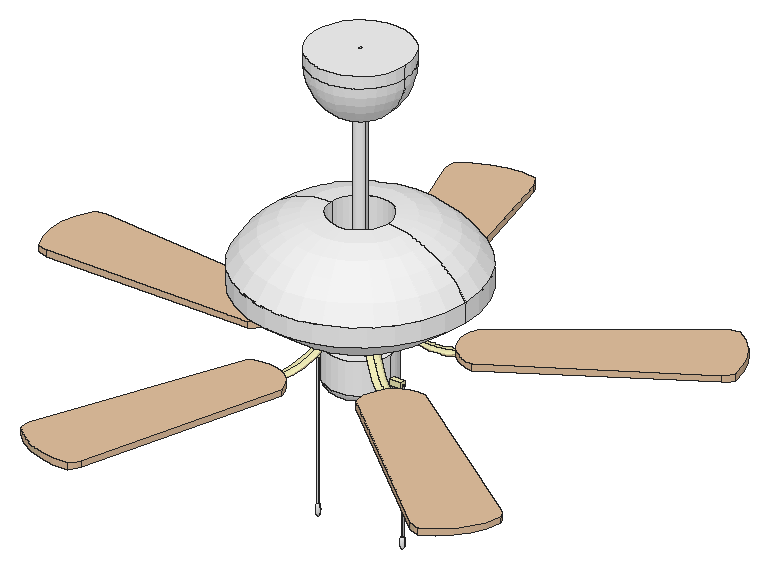
Revit family "Ceiling-Fan_Residential", category Mechanical Equipment, host Ceiling, Revit 2026 (continued)
Forms (in)
  Extrusion 64, solid, not visible
    sketch origin (6.52241, -5.90906, 74.3196) x (-0.809017, 0.587785, 0) y (-0.587785, -0.809017, 0)
      loop
        arc (0.57285, -1.70845) -> (0.87058, -0.94629) -> (0.57131, -0.18473) r 1.12151
        arc (0.57131, -0.18473) -> (-0.33421, -0.00748) -> (-1.24431, 0.1445) r 33.15171
        arc (-1.24431, 0.1445) -> (-1.62285, -0.01229) -> (-1.77964, -0.39083) r 0.53533
        arc (-1.77964, -0.39083) -> (-2.16715, -0.94675) -> (-1.77964, -1.50268) r 0.59252
        arc (-1.77964, -1.50268) -> (-1.62285, -1.88121) -> (-1.24431, -2.03801) r 0.53533
        arc (-1.24431, -2.03801) -> (-0.33343, -1.88589) -> (0.57285, -1.70845) r 33.15171
    from 0 to 0.125
  Sweep 65, solid, not visible
    path origin (-5.89511, 4.28305, 71.24857) x (-0.809017, 0.587785, 0) y (-0.000001, -0.000001, 1)
      loop
        line (-15.01533, 3.19786) -> (-14.1732, 3.19786)
        arc (-14.1732, 3.19786) -> (-10.1592, 5.10736) -> (-9.10815, 9.42636) r 5.17371
    profile origin (2.32385, -1.68838, 76.35593) x (0.627672, -0.456032, 0.630922) y (0.587785, 0.809017, 0.000001)
      loop
        spline (-0.12404, 0) -> (-0.11981, -0.12941) -> (-0.10742, -0.25) -> (-0.08771, -0.35355) -> (-0.06202, -0.43301) -> (-0.0321, -0.48296) -> (0, -0.5) -> (0.0321, -0.48296) -> (0.06202, -0.43301) -> (0.08771, -0.35355) -> (0.10742, -0.25) -> (0.11981, -0.12941) -> (0.12404, 0)
        spline (0.12404, 0) -> (0.11981, 0.12941) -> (0.10742, 0.25) -> (0.08771, 0.35355) -> (0.06202, 0.43301) -> (0.0321, 0.48296) -> (0, 0.5) -> (-0.0321, 0.48296) -> (-0.06202, 0.43301) -> (-0.08771, 0.35355) -> (-0.10742, 0.25) -> (-0.11981, 0.12941) -> (-0.12404, 0)
  Sweep 66, solid, not visible
    path origin (0, 0, 0) x (1, 0, 0) y (0, 1, 0)
      loop
        circle (0, 0) r 8
    profile origin (0, 8, 0) x (0, -1, 0) y (0, 0, 1)
      loop
        arc (5.5, 85.375) -> (1.5595, 84.33047) -> (-1.34619, 81.47119) r 7.95507
        line (-1.34619, 81.47119) -> (-1.34619, 79.86279) -> (2.25, 77.25) -> (5.5, 77.25) -> (5.5, 85.375)
  Sweep 67, solid, not visible
    path origin (0, 0, 0) x (1, 0, 0) y (0, 1, 0)
      loop
        circle (0, 0) r 2
    profile origin (0, 2, 0) x (0, -1, 0) y (0, 0, 1)
      loop
        line (1.96875, 71.5696) -> (1.96875, 75.0696) -> (-0.75, 75.0696) -> (-0.75, 72.3196)
        arc (-0.75, 72.3196) -> (-0.375, 71.77793) -> (0.25, 71.5696) r 1.04167
        line (0.25, 71.5696) -> (1.96875, 71.5696)
  Extrusion 68, solid, not visible
    sketch origin (0, 0, 75.0696) x (1, 0, 0) y (0, 1, 0)
      loop
        circle (0, 0) r 1
    from 0 to 4
  Extrusion 69, solid, not visible
    sketch origin (0, 0, 72.75) x (1, 0, 0) y (0, 1, 0)
      loop
        line (2.74091, -0.22336) -> (3.74091, -0.22336) -> (3.74091, 0.22336) -> (2.74091, 0.22336)
        arc (2.74091, 0.22336) -> (2.75, 0) -> (2.74091, -0.22336) r 2.75
    from 0 to 0.5
  Extrusion 70, solid, not visible
    sketch origin (-0.25, 0, 61) x (1, 0, 0) y (0, 1, 0)
      loop
        circle (4, 0) r 0.0625
    from 0 to 12
  Revolve 71, solid, not visible
    sketch origin (0, 0, 0) x (1, 0, 0) y (0, 0, 1)
      loop
        line (3.75, 61) -> (3.75, 60)
        spline (3.75, 60) -> (3.79531, 60.01704) -> (3.83753, 60.06699) -> (3.87379, 60.14645) -> (3.90161, 60.25) -> (3.9191, 60.37059) -> (3.92506, 60.5) -> (3.9191, 60.62941) -> (3.90161, 60.75) -> (3.87379, 60.85355) -> (3.83753, 60.93301) -> (3.79531, 60.98296) -> (3.75, 61)
      axis (3.75, 60) -> (3.75, 61)
    angle from 0 to 360
  Extrusion 72, solid, not visible
    sketch origin (0, 0, 72.75) x (-1, 0, 0) y (0, -1, 0)
      loop
        arc (2.74091, 0.22336) -> (2.75, 0) -> (2.74091, -0.22336) r 2.75
        line (2.74091, -0.22336) -> (3.74091, -0.22336) -> (3.74091, 0.22336) -> (2.74091, 0.22336)
    from 0 to 0.5
  Extrusion 73, solid, not visible
    sketch origin (0.25, 0, 61) x (-1, 0, 0) y (0, -1, 0)
      loop
        circle (4, 0) r 0.0625
    from 0 to 12
  Revolve 74, solid, not visible
    sketch origin (-7.5, 0, 0) x (1, 0, 0) y (0, 0, 1)
      loop
        line (3.75, 61) -> (3.75, 60)
        spline (3.75, 60) -> (3.79531, 60.01704) -> (3.83753, 60.06699) -> (3.87379, 60.14645) -> (3.90161, 60.25) -> (3.9191, 60.37059) -> (3.92506, 60.5) -> (3.9191, 60.62941) -> (3.90161, 60.75) -> (3.87379, 60.85355) -> (3.83753, 60.93301) -> (3.79531, 60.98296) -> (3.75, 61)
      axis (3.75, 60) -> (3.75, 61)
    angle from 0 to 360
  Extrusion 75, solid, not visible
    sketch origin (6.52241, -5.90906, 74.32031) x (-0.809017, 0.587785, 0) y (-0.587785, -0.809017, 0)
      loop
        arc (-1.34734, -2.82175) -> (-0.16807, -2.73452) -> (0.99795, -2.5378) r 12.67926
        arc (0.99795, -2.5378) -> (1.63049, -0.94675) -> (0.99795, 0.64429) r 2.31729
        arc (0.99795, 0.64429) -> (-0.16807, 0.84101) -> (-1.34734, 0.92825) r 12.67926
        arc (-1.34734, 0.92825) -> (-1.86177, 1.0058) -> (-1.8893, 0.48629) r 0.3513
        arc (-1.8893, 0.48629) -> (-2.26892, 0.42422) -> (-2.51249, 0.12649) r 0.54376
        arc (-2.51249, 0.12649) -> (-3.11749, -0.94675) -> (-2.51249, -2.02) r 1.25446
        arc (-2.51249, -2.02) -> (-2.26892, -2.31773) -> (-1.8893, -2.3798) r 0.54376
        arc (-1.8893, -2.3798) -> (-1.86177, -2.89931) -> (-1.34734, -2.82175) r 0.3513
      loop
        arc (0.57285, -1.70845) -> (0.87058, -0.94629) -> (0.57131, -0.18473) r 1.12151
        arc (0.57131, -0.18473) -> (-0.33421, -0.00748) -> (-1.24431, 0.1445) r 33.15171
        arc (-1.24431, 0.1445) -> (-1.62285, -0.01229) -> (-1.77964, -0.39083) r 0.53533
        arc (-1.77964, -0.39083) -> (-2.16715, -0.94675) -> (-1.77964, -1.50268) r 0.59252
        arc (-1.77964, -1.50268) -> (-1.62285, -1.88121) -> (-1.24431, -2.03801) r 0.53533
        arc (-1.24431, -2.03801) -> (-0.33343, -1.88589) -> (0.57285, -1.70845) r 33.15171
    from 0 to 0.125
  Sweep 76, solid, not visible
    path origin (-5.89511, 4.28305, 71.24929) x (-0.809017, 0.587785, 0) y (-0.000001, -0.000001, 1)
      loop
        line (-15.01533, 3.19786) -> (-14.1732, 3.19786)
        arc (-14.1732, 3.19786) -> (-10.1592, 5.10736) -> (-9.10815, 9.42636) r 5.17371
    profile origin (2.32385, -1.68838, 76.35665) x (0.627672, -0.456032, 0.630922) y (0.587785, 0.809017, 0.000001)
      loop
        spline (-0.12404, 0) -> (-0.11981, -0.12941) -> (-0.10742, -0.25) -> (-0.08771, -0.35355) -> (-0.06202, -0.43301) -> (-0.0321, -0.48296) -> (0, -0.5) -> (0.0321, -0.48296) -> (0.06202, -0.43301) -> (0.08771, -0.35355) -> (0.10742, -0.25) -> (0.11981, -0.12941) -> (0.12404, 0)
        spline (0.12404, 0) -> (0.11981, 0.12941) -> (0.10742, 0.25) -> (0.08771, 0.35355) -> (0.06202, 0.43301) -> (0.0321, 0.48296) -> (0, 0.5) -> (-0.0321, 0.48296) -> (-0.06202, 0.43301) -> (-0.08771, 0.35355) -> (-0.10742, 0.25) -> (-0.11981, 0.12941) -> (-0.12404, 0)
  Extrusion 77, solid, not visible
    sketch origin (-8.75, 0.94675, 74.32031) x (1, 0, 0) y (0, 1, 0)
      loop
        arc (-1.34734, -2.82175) -> (-0.16807, -2.73452) -> (0.99795, -2.5378) r 12.67926
        arc (0.99795, -2.5378) -> (1.63049, -0.94675) -> (0.99795, 0.64429) r 2.31729
        arc (0.99795, 0.64429) -> (-0.16807, 0.84101) -> (-1.34734, 0.92825) r 12.67926
        arc (-1.34734, 0.92825) -> (-1.86177, 1.0058) -> (-1.8893, 0.48629) r 0.3513
        arc (-1.8893, 0.48629) -> (-2.26892, 0.42422) -> (-2.51249, 0.12649) r 0.54376
        arc (-2.51249, 0.12649) -> (-3.11749, -0.94675) -> (-2.51249, -2.02) r 1.25446
        arc (-2.51249, -2.02) -> (-2.26892, -2.31773) -> (-1.8893, -2.3798) r 0.54376
        arc (-1.8893, -2.3798) -> (-1.86177, -2.89931) -> (-1.34734, -2.82175) r 0.3513
      loop
        arc (0.57285, -1.70845) -> (0.87058, -0.94629) -> (0.57131, -0.18473) r 1.12151
        arc (0.57131, -0.18473) -> (-0.33421, -0.00748) -> (-1.24431, 0.1445) r 33.15171
        arc (-1.24431, 0.1445) -> (-1.62285, -0.01229) -> (-1.77964, -0.39083) r 0.53533
        arc (-1.77964, -0.39083) -> (-2.16715, -0.94675) -> (-1.77964, -1.50268) r 0.59252
        arc (-1.77964, -1.50268) -> (-1.62285, -1.88121) -> (-1.24431, -2.03801) r 0.53533
        arc (-1.24431, -2.03801) -> (-0.33343, -1.88589) -> (0.57285, -1.70845) r 33.15171
    from 0 to 0.125
  Sweep 78, solid, not visible
    path origin (7.28676, -0.00001, 71.24929) x (1, 0, 0) y (0, 0.000001, 1)
      loop
        line (-15.01533, 3.19786) -> (-14.1732, 3.19786)
        arc (-14.1732, 3.19786) -> (-10.1592, 5.10736) -> (-9.10815, 9.42636) r 5.17371
    profile origin (-2.87244, 0, 76.35665) x (-0.775846, 0.000001, 0.630922) y (0, -1, 0.000001)
      loop
        spline (-0.12404, 0) -> (-0.11981, -0.12941) -> (-0.10742, -0.25) -> (-0.08771, -0.35355) -> (-0.06202, -0.43301) -> (-0.0321, -0.48296) -> (0, -0.5) -> (0.0321, -0.48296) -> (0.06202, -0.43301) -> (0.08771, -0.35355) -> (0.10742, -0.25) -> (0.11981, -0.12941) -> (0.12404, 0)
        spline (0.12404, 0) -> (0.11981, 0.12941) -> (0.10742, 0.25) -> (0.08771, 0.35355) -> (0.06202, 0.43301) -> (0.0321, 0.48296) -> (0, 0.5) -> (-0.0321, 0.48296) -> (-0.06202, 0.43301) -> (-0.08771, 0.35355) -> (-0.10742, 0.25) -> (-0.11981, 0.12941) -> (-0.12404, 0)
  Extrusion 79, solid, not visible
    sketch origin (-3.60431, -8.02918, 74.32031) x (0.309017, 0.951057, 0) y (-0.951057, 0.309017, 0)
      loop
        arc (-1.34734, -2.82175) -> (-0.16807, -2.73452) -> (0.99795, -2.5378) r 12.67926
        arc (0.99795, -2.5378) -> (1.63049, -0.94675) -> (0.99795, 0.64429) r 2.31729
        arc (0.99795, 0.64429) -> (-0.16807, 0.84101) -> (-1.34734, 0.92825) r 12.67926
        arc (-1.34734, 0.92825) -> (-1.86177, 1.0058) -> (-1.8893, 0.48629) r 0.3513
        arc (-1.8893, 0.48629) -> (-2.26892, 0.42422) -> (-2.51249, 0.12649) r 0.54376
        arc (-2.51249, 0.12649) -> (-3.11749, -0.94675) -> (-2.51249, -2.02) r 1.25446
        arc (-2.51249, -2.02) -> (-2.26892, -2.31773) -> (-1.8893, -2.3798) r 0.54376
        arc (-1.8893, -2.3798) -> (-1.86177, -2.89931) -> (-1.34734, -2.82175) r 0.3513
      loop
        arc (0.57285, -1.70845) -> (0.87058, -0.94629) -> (0.57131, -0.18473) r 1.12151
        arc (0.57131, -0.18473) -> (-0.33421, -0.00748) -> (-1.24431, 0.1445) r 33.15171
        arc (-1.24431, 0.1445) -> (-1.62285, -0.01229) -> (-1.77964, -0.39083) r 0.53533
        arc (-1.77964, -0.39083) -> (-2.16715, -0.94675) -> (-1.77964, -1.50268) r 0.59252
        arc (-1.77964, -1.50268) -> (-1.62285, -1.88121) -> (-1.24431, -2.03801) r 0.53533
        arc (-1.24431, -2.03801) -> (-0.33343, -1.88589) -> (0.57285, -1.70845) r 33.15171
    from 0 to 0.125
  Sweep 80, solid, not visible
    path origin (2.25174, 6.93011, 71.24929) x (0.309017, 0.951057, 0) y (-0.000001, 0, 1)
      loop
        line (-15.01533, 3.19786) -> (-14.1732, 3.19786)
        arc (-14.1732, 3.19786) -> (-10.1592, 5.10736) -> (-9.10815, 9.42636) r 5.17371
    profile origin (-0.88763, -2.73185, 76.35665) x (-0.23975, -0.737874, 0.630922) y (0.951057, -0.309017, 0.000001)
      loop
        spline (-0.12404, 0) -> (-0.11981, -0.12941) -> (-0.10742, -0.25) -> (-0.08771, -0.35355) -> (-0.06202, -0.43301) -> (-0.0321, -0.48296) -> (0, -0.5) -> (0.0321, -0.48296) -> (0.06202, -0.43301) -> (0.08771, -0.35355) -> (0.10742, -0.25) -> (0.11981, -0.12941) -> (0.12404, 0)
        spline (0.12404, 0) -> (0.11981, 0.12941) -> (0.10742, 0.25) -> (0.08771, 0.35355) -> (0.06202, 0.43301) -> (0.0321, 0.48296) -> (0, 0.5) -> (-0.0321, 0.48296) -> (-0.06202, 0.43301) -> (-0.08771, 0.35355) -> (-0.10742, 0.25) -> (-0.11981, 0.12941) -> (-0.12404, 0)
  Extrusion 81, solid, not visible
    sketch origin (-1.80348, 8.61431, 74.32031) x (0.309017, -0.951057, 0) y (0.951057, 0.309017, 0)
      loop
        arc (-1.34734, -2.82175) -> (-0.16807, -2.73452) -> (0.99795, -2.5378) r 12.67926
        arc (0.99795, -2.5378) -> (1.63049, -0.94675) -> (0.99795, 0.64429) r 2.31729
        arc (0.99795, 0.64429) -> (-0.16807, 0.84101) -> (-1.34734, 0.92825) r 12.67926
        arc (-1.34734, 0.92825) -> (-1.86177, 1.0058) -> (-1.8893, 0.48629) r 0.3513
        arc (-1.8893, 0.48629) -> (-2.26892, 0.42422) -> (-2.51249, 0.12649) r 0.54376
        arc (-2.51249, 0.12649) -> (-3.11749, -0.94675) -> (-2.51249, -2.02) r 1.25446
        arc (-2.51249, -2.02) -> (-2.26892, -2.31773) -> (-1.8893, -2.3798) r 0.54376
        arc (-1.8893, -2.3798) -> (-1.86177, -2.89931) -> (-1.34734, -2.82175) r 0.3513
      loop
        arc (0.57285, -1.70845) -> (0.87058, -0.94629) -> (0.57131, -0.18473) r 1.12151
        arc (0.57131, -0.18473) -> (-0.33421, -0.00748) -> (-1.24431, 0.1445) r 33.15171
        arc (-1.24431, 0.1445) -> (-1.62285, -0.01229) -> (-1.77964, -0.39083) r 0.53533
        arc (-1.77964, -0.39083) -> (-2.16715, -0.94675) -> (-1.77964, -1.50268) r 0.59252
        arc (-1.77964, -1.50268) -> (-1.62285, -1.88121) -> (-1.24431, -2.03801) r 0.53533
        arc (-1.24431, -2.03801) -> (-0.33343, -1.88589) -> (0.57285, -1.70845) r 33.15171
    from 0 to 0.125
  Sweep 82, solid, not visible
    path origin (2.25172, -6.93012, 71.24929) x (0.309017, -0.951057, 0) y (0.000001, 0, 1)
      loop
        line (-15.01533, 3.19786) -> (-14.1732, 3.19786)
        arc (-14.1732, 3.19786) -> (-10.1592, 5.10736) -> (-9.10815, 9.42636) r 5.17371
    profile origin (-0.88763, 2.73185, 76.35665) x (-0.239749, 0.737874, 0.630922) y (-0.951057, -0.309017, 0.000001)
      loop
        spline (-0.12404, 0) -> (-0.11981, -0.12941) -> (-0.10742, -0.25) -> (-0.08771, -0.35355) -> (-0.06202, -0.43301) -> (-0.0321, -0.48296) -> (0, -0.5) -> (0.0321, -0.48296) -> (0.06202, -0.43301) -> (0.08771, -0.35355) -> (0.10742, -0.25) -> (0.11981, -0.12941) -> (0.12404, 0)
        spline (0.12404, 0) -> (0.11981, 0.12941) -> (0.10742, 0.25) -> (0.08771, 0.35355) -> (0.06202, 0.43301) -> (0.0321, 0.48296) -> (0, 0.5) -> (-0.0321, 0.48296) -> (-0.06202, 0.43301) -> (-0.08771, 0.35355) -> (-0.10742, 0.25) -> (-0.11981, 0.12941) -> (-0.12404, 0)
  Extrusion 83, solid, not visible
    sketch origin (7.63539, 4.37718, 74.32031) x (-0.809017, -0.587785, 0) y (0.587785, -0.809017, 0)
      loop
        arc (-1.34734, -2.82175) -> (-0.16807, -2.73452) -> (0.99795, -2.5378) r 12.67926
        arc (0.99795, -2.5378) -> (1.63049, -0.94675) -> (0.99795, 0.64429) r 2.31729
        arc (0.99795, 0.64429) -> (-0.16807, 0.84101) -> (-1.34734, 0.92825) r 12.67926
        arc (-1.34734, 0.92825) -> (-1.86177, 1.0058) -> (-1.8893, 0.48629) r 0.3513
        arc (-1.8893, 0.48629) -> (-2.26892, 0.42422) -> (-2.51249, 0.12649) r 0.54376
        arc (-2.51249, 0.12649) -> (-3.11749, -0.94675) -> (-2.51249, -2.02) r 1.25446
        arc (-2.51249, -2.02) -> (-2.26892, -2.31773) -> (-1.8893, -2.3798) r 0.54376
        arc (-1.8893, -2.3798) -> (-1.86177, -2.89931) -> (-1.34734, -2.82175) r 0.3513
      loop
        arc (0.57285, -1.70845) -> (0.87058, -0.94629) -> (0.57131, -0.18473) r 1.12151
        arc (0.57131, -0.18473) -> (-0.33421, -0.00748) -> (-1.24431, 0.1445) r 33.15171
        arc (-1.24431, 0.1445) -> (-1.62285, -0.01229) -> (-1.77964, -0.39083) r 0.53533
        arc (-1.77964, -0.39083) -> (-2.16715, -0.94675) -> (-1.77964, -1.50268) r 0.59252
        arc (-1.77964, -1.50268) -> (-1.62285, -1.88121) -> (-1.24431, -2.03801) r 0.53533
        arc (-1.24431, -2.03801) -> (-0.33343, -1.88589) -> (0.57285, -1.70845) r 33.15171
    from 0 to 0.125
  Sweep 84, solid, not visible
    path origin (-5.89511, -4.28304, 71.24929) x (-0.809017, -0.587785, 0) y (0.000001, -0.000001, 1)
      loop
        line (-15.01533, 3.19786) -> (-14.1732, 3.19786)
        arc (-14.1732, 3.19786) -> (-10.1592, 5.10736) -> (-9.10815, 9.42636) r 5.17371
    profile origin (2.32385, 1.68838, 76.35665) x (0.627673, 0.45603, 0.630922) y (-0.587785, 0.809017, 0.000001)
      loop
        spline (-0.12404, 0) -> (-0.11981, -0.12941) -> (-0.10742, -0.25) -> (-0.08771, -0.35355) -> (-0.06202, -0.43301) -> (-0.0321, -0.48296) -> (0, -0.5) -> (0.0321, -0.48296) -> (0.06202, -0.43301) -> (0.08771, -0.35355) -> (0.10742, -0.25) -> (0.11981, -0.12941) -> (0.12404, 0)
        spline (0.12404, 0) -> (0.11981, 0.12941) -> (0.10742, 0.25) -> (0.08771, 0.35355) -> (0.06202, 0.43301) -> (0.0321, 0.48296) -> (0, 0.5) -> (-0.0321, 0.48296) -> (-0.06202, 0.43301) -> (-0.08771, 0.35355) -> (-0.10742, 0.25) -> (-0.11981, 0.12941) -> (-0.12404, 0)
  Sweep 85, solid, material "Plastic, White" <- "Body Color", not visible
    path origin (0, 0, 2.44531) x (1, 0, 0) y (0, 1, 0)
      loop
        circle (0, 0) r 8
    profile origin (0, 8, 2.44531) x (0, -1, 0) y (0, 0, 1)
      loop
        arc (5.5, 82.9304) -> (1.5595, 81.88588) -> (-1.34619, 79.0266) r 7.95507
        line (-1.34619, 79.0266) -> (-1.34619, 77.41819) -> (2.25, 74.8054) -> (5.5, 74.8054) -> (5.5, 82.9304)
  Extrusion 86, solid, material "Metal - Brass, Polished" <- "Hardware Accent Finish", not visible
    sketch origin (-8.75, 0.94675, 74.32031) x (1, 0, 0) y (0, 1, 0)
      loop
        arc (-1.34734, -2.82175) -> (-0.16807, -2.73452) -> (0.99795, -2.5378) r 12.67926
        arc (0.99795, -2.5378) -> (1.63049, -0.94675) -> (0.99795, 0.64429) r 2.31729
        arc (0.99795, 0.64429) -> (-0.16807, 0.84101) -> (-1.34734, 0.92825) r 12.67926
        arc (-1.34734, 0.92825) -> (-1.86177, 1.0058) -> (-1.8893, 0.48629) r 0.3513
        arc (-1.8893, 0.48629) -> (-2.26892, 0.42422) -> (-2.51249, 0.12649) r 0.54376
        arc (-2.51249, 0.12649) -> (-3.11749, -0.94675) -> (-2.51249, -2.02) r 1.25446
        arc (-2.51249, -2.02) -> (-2.26892, -2.31773) -> (-1.8893, -2.3798) r 0.54376
        arc (-1.8893, -2.3798) -> (-1.86177, -2.89931) -> (-1.34734, -2.82175) r 0.3513
      loop
        arc (0.57285, -1.70845) -> (0.87058, -0.94629) -> (0.57131, -0.18473) r 1.12151
        arc (0.57131, -0.18473) -> (-0.33421, -0.00748) -> (-1.24431, 0.1445) r 33.15171
        arc (-1.24431, 0.1445) -> (-1.62285, -0.01229) -> (-1.77964, -0.39083) r 0.53533
        arc (-1.77964, -0.39083) -> (-2.16715, -0.94675) -> (-1.77964, -1.50268) r 0.59252
        arc (-1.77964, -1.50268) -> (-1.62285, -1.88121) -> (-1.24431, -2.03801) r 0.53533
        arc (-1.24431, -2.03801) -> (-0.33343, -1.88589) -> (0.57285, -1.70845) r 33.15171
    from 0 to 0.125
  Sweep 87, solid, material "Metal - Brass, Polished" <- "Hardware Accent Finish", not visible
    path origin (7.28676, -0.00001, 71.24929) x (1, 0, 0) y (0, 0.000001, 1)
      loop
        line (-15.01533, 3.19786) -> (-14.1732, 3.19786)
        arc (-14.1732, 3.19786) -> (-10.1592, 5.10736) -> (-9.10815, 9.42636) r 5.17371
    profile origin (-2.87244, 0, 76.35665) x (-0.775846, 0.000001, 0.630922) y (0, -1, 0.000001)
      loop
        spline (-0.12404, 0) -> (-0.11981, -0.12941) -> (-0.10742, -0.25) -> (-0.08771, -0.35355) -> (-0.06202, -0.43301) -> (-0.0321, -0.48296) -> (0, -0.5) -> (0.0321, -0.48296) -> (0.06202, -0.43301) -> (0.08771, -0.35355) -> (0.10742, -0.25) -> (0.11981, -0.12941) -> (0.12404, 0)
        spline (0.12404, 0) -> (0.11981, 0.12941) -> (0.10742, 0.25) -> (0.08771, 0.35355) -> (0.06202, 0.43301) -> (0.0321, 0.48296) -> (0, 0.5) -> (-0.0321, 0.48296) -> (-0.06202, 0.43301) -> (-0.08771, 0.35355) -> (-0.10742, 0.25) -> (-0.11981, 0.12941) -> (-0.12404, 0)
  Extrusion 88, solid, material "Metal - Brass, Polished" <- "Hardware Accent Finish", not visible
    sketch origin (-1.80348, 8.61431, 74.32031) x (0.309017, -0.951057, 0) y (0.951057, 0.309017, 0)
      loop
        arc (-1.34734, -2.82175) -> (-0.16807, -2.73452) -> (0.99795, -2.5378) r 12.67926
        arc (0.99795, -2.5378) -> (1.63049, -0.94675) -> (0.99795, 0.64429) r 2.31729
        arc (0.99795, 0.64429) -> (-0.16807, 0.84101) -> (-1.34734, 0.92825) r 12.67926
        arc (-1.34734, 0.92825) -> (-1.86177, 1.0058) -> (-1.8893, 0.48629) r 0.3513
        arc (-1.8893, 0.48629) -> (-2.26892, 0.42422) -> (-2.51249, 0.12649) r 0.54376
        arc (-2.51249, 0.12649) -> (-3.11749, -0.94675) -> (-2.51249, -2.02) r 1.25446
        arc (-2.51249, -2.02) -> (-2.26892, -2.31773) -> (-1.8893, -2.3798) r 0.54376
        arc (-1.8893, -2.3798) -> (-1.86177, -2.89931) -> (-1.34734, -2.82175) r 0.3513
      loop
        arc (0.57285, -1.70845) -> (0.87058, -0.94629) -> (0.57131, -0.18473) r 1.12151
        arc (0.57131, -0.18473) -> (-0.33421, -0.00748) -> (-1.24431, 0.1445) r 33.15171
        arc (-1.24431, 0.1445) -> (-1.62285, -0.01229) -> (-1.77964, -0.39083) r 0.53533
        arc (-1.77964, -0.39083) -> (-2.16715, -0.94675) -> (-1.77964, -1.50268) r 0.59252
        arc (-1.77964, -1.50268) -> (-1.62285, -1.88121) -> (-1.24431, -2.03801) r 0.53533
        arc (-1.24431, -2.03801) -> (-0.33343, -1.88589) -> (0.57285, -1.70845) r 33.15171
    from 0 to 0.125
  Sweep 89, solid, material "Metal - Brass, Polished" <- "Hardware Accent Finish", not visible
    path origin (2.25172, -6.93012, 71.24929) x (0.309017, -0.951057, 0) y (0.000001, 0, 1)
      loop
        line (-15.01533, 3.19786) -> (-14.1732, 3.19786)
        arc (-14.1732, 3.19786) -> (-10.1592, 5.10736) -> (-9.10815, 9.42636) r 5.17371
    profile origin (-0.88763, 2.73185, 76.35665) x (-0.239749, 0.737874, 0.630922) y (-0.951057, -0.309017, 0.000001)
      loop
        spline (-0.12404, 0) -> (-0.11981, -0.12941) -> (-0.10742, -0.25) -> (-0.08771, -0.35355) -> (-0.06202, -0.43301) -> (-0.0321, -0.48296) -> (0, -0.5) -> (0.0321, -0.48296) -> (0.06202, -0.43301) -> (0.08771, -0.35355) -> (0.10742, -0.25) -> (0.11981, -0.12941) -> (0.12404, 0)
        spline (0.12404, 0) -> (0.11981, 0.12941) -> (0.10742, 0.25) -> (0.08771, 0.35355) -> (0.06202, 0.43301) -> (0.0321, 0.48296) -> (0, 0.5) -> (-0.0321, 0.48296) -> (-0.06202, 0.43301) -> (-0.08771, 0.35355) -> (-0.10742, 0.25) -> (-0.11981, 0.12941) -> (-0.12404, 0)
  Extrusion 90, solid, material "Metal - Brass, Polished" <- "Hardware Accent Finish", not visible
    sketch origin (7.63539, 4.37718, 74.32031) x (-0.809017, -0.587785, 0) y (0.587785, -0.809017, 0)
      loop
        arc (-1.34734, -2.82175) -> (-0.16807, -2.73452) -> (0.99795, -2.5378) r 12.67926
        arc (0.99795, -2.5378) -> (1.63049, -0.94675) -> (0.99795, 0.64429) r 2.31729
        arc (0.99795, 0.64429) -> (-0.16807, 0.84101) -> (-1.34734, 0.92825) r 12.67926
        arc (-1.34734, 0.92825) -> (-1.86177, 1.0058) -> (-1.8893, 0.48629) r 0.3513
        arc (-1.8893, 0.48629) -> (-2.26892, 0.42422) -> (-2.51249, 0.12649) r 0.54376
        arc (-2.51249, 0.12649) -> (-3.11749, -0.94675) -> (-2.51249, -2.02) r 1.25446
        arc (-2.51249, -2.02) -> (-2.26892, -2.31773) -> (-1.8893, -2.3798) r 0.54376
        arc (-1.8893, -2.3798) -> (-1.86177, -2.89931) -> (-1.34734, -2.82175) r 0.3513
      loop
        arc (0.57285, -1.70845) -> (0.87058, -0.94629) -> (0.57131, -0.18473) r 1.12151
        arc (0.57131, -0.18473) -> (-0.33421, -0.00748) -> (-1.24431, 0.1445) r 33.15171
        arc (-1.24431, 0.1445) -> (-1.62285, -0.01229) -> (-1.77964, -0.39083) r 0.53533
        arc (-1.77964, -0.39083) -> (-2.16715, -0.94675) -> (-1.77964, -1.50268) r 0.59252
        arc (-1.77964, -1.50268) -> (-1.62285, -1.88121) -> (-1.24431, -2.03801) r 0.53533
        arc (-1.24431, -2.03801) -> (-0.33343, -1.88589) -> (0.57285, -1.70845) r 33.15171
    from 0 to 0.125
  Sweep 91, solid, material "Metal - Brass, Polished" <- "Hardware Accent Finish", not visible
    path origin (-5.89511, -4.28304, 71.24929) x (-0.809017, -0.587785, 0) y (0.000001, -0.000001, 1)
      loop
        line (-15.01533, 3.19786) -> (-14.1732, 3.19786)
        arc (-14.1732, 3.19786) -> (-10.1592, 5.10736) -> (-9.10815, 9.42636) r 5.17371
    profile origin (2.32385, 1.68838, 76.35665) x (0.627673, 0.45603, 0.630922) y (-0.587785, 0.809017, 0.000001)
      loop
        spline (-0.12404, 0) -> (-0.11981, -0.12941) -> (-0.10742, -0.25) -> (-0.08771, -0.35355) -> (-0.06202, -0.43301) -> (-0.0321, -0.48296) -> (0, -0.5) -> (0.0321, -0.48296) -> (0.06202, -0.43301) -> (0.08771, -0.35355) -> (0.10742, -0.25) -> (0.11981, -0.12941) -> (0.12404, 0)
        spline (0.12404, 0) -> (0.11981, 0.12941) -> (0.10742, 0.25) -> (0.08771, 0.35355) -> (0.06202, 0.43301) -> (0.0321, 0.48296) -> (0, 0.5) -> (-0.0321, 0.48296) -> (-0.06202, 0.43301) -> (-0.08771, 0.35355) -> (-0.10742, 0.25) -> (-0.11981, 0.12941) -> (-0.12404, 0)
  Extrusion 92, solid, material "Metal - Brass, Polished" <- "Hardware Accent Finish", not visible
    sketch origin (6.52241, -5.90906, 74.32031) x (-0.809017, 0.587785, 0) y (-0.587785, -0.809017, 0)
      loop
        arc (-1.34734, -2.82175) -> (-0.16807, -2.73452) -> (0.99795, -2.5378) r 12.67926
        arc (0.99795, -2.5378) -> (1.63049, -0.94675) -> (0.99795, 0.64429) r 2.31729
        arc (0.99795, 0.64429) -> (-0.16807, 0.84101) -> (-1.34734, 0.92825) r 12.67926
        arc (-1.34734, 0.92825) -> (-1.86177, 1.0058) -> (-1.8893, 0.48629) r 0.3513
        arc (-1.8893, 0.48629) -> (-2.26892, 0.42422) -> (-2.51249, 0.12649) r 0.54376
        arc (-2.51249, 0.12649) -> (-3.11749, -0.94675) -> (-2.51249, -2.02) r 1.25446
        arc (-2.51249, -2.02) -> (-2.26892, -2.31773) -> (-1.8893, -2.3798) r 0.54376
        arc (-1.8893, -2.3798) -> (-1.86177, -2.89931) -> (-1.34734, -2.82175) r 0.3513
      loop
        arc (0.57285, -1.70845) -> (0.87058, -0.94629) -> (0.57131, -0.18473) r 1.12151
        arc (0.57131, -0.18473) -> (-0.33421, -0.00748) -> (-1.24431, 0.1445) r 33.15171
        arc (-1.24431, 0.1445) -> (-1.62285, -0.01229) -> (-1.77964, -0.39083) r 0.53533
        arc (-1.77964, -0.39083) -> (-2.16715, -0.94675) -> (-1.77964, -1.50268) r 0.59252
        arc (-1.77964, -1.50268) -> (-1.62285, -1.88121) -> (-1.24431, -2.03801) r 0.53533
        arc (-1.24431, -2.03801) -> (-0.33343, -1.88589) -> (0.57285, -1.70845) r 33.15171
    from 0 to 0.125
  Sweep 93, solid, material "Metal - Brass, Polished" <- "Hardware Accent Finish", not visible
    path origin (-5.89511, 4.28305, 71.24929) x (-0.809017, 0.587785, 0) y (-0.000001, -0.000001, 1)
      loop
        line (-15.01533, 3.19786) -> (-14.1732, 3.19786)
        arc (-14.1732, 3.19786) -> (-10.1592, 5.10736) -> (-9.10815, 9.42636) r 5.17371
    profile origin (2.32385, -1.68838, 76.35665) x (0.627672, -0.456032, 0.630922) y (0.587785, 0.809017, 0.000001)
      loop
        spline (-0.12404, 0) -> (-0.11981, -0.12941) -> (-0.10742, -0.25) -> (-0.08771, -0.35355) -> (-0.06202, -0.43301) -> (-0.0321, -0.48296) -> (0, -0.5) -> (0.0321, -0.48296) -> (0.06202, -0.43301) -> (0.08771, -0.35355) -> (0.10742, -0.25) -> (0.11981, -0.12941) -> (0.12404, 0)
        spline (0.12404, 0) -> (0.11981, 0.12941) -> (0.10742, 0.25) -> (0.08771, 0.35355) -> (0.06202, 0.43301) -> (0.0321, 0.48296) -> (0, 0.5) -> (-0.0321, 0.48296) -> (-0.06202, 0.43301) -> (-0.08771, 0.35355) -> (-0.10742, 0.25) -> (-0.11981, 0.12941) -> (-0.12404, 0)
  Extrusion 94, solid, material "Metal - Brass, Polished" <- "Hardware Accent Finish", not visible
    sketch origin (-3.60431, -8.02918, 74.32031) x (0.309017, 0.951057, 0) y (-0.951057, 0.309017, 0)
      loop
        arc (-1.34734, -2.82175) -> (-0.16807, -2.73452) -> (0.99795, -2.5378) r 12.67926
        arc (0.99795, -2.5378) -> (1.63049, -0.94675) -> (0.99795, 0.64429) r 2.31729
        arc (0.99795, 0.64429) -> (-0.16807, 0.84101) -> (-1.34734, 0.92825) r 12.67926
        arc (-1.34734, 0.92825) -> (-1.86177, 1.0058) -> (-1.8893, 0.48629) r 0.3513
        arc (-1.8893, 0.48629) -> (-2.26892, 0.42422) -> (-2.51249, 0.12649) r 0.54376
        arc (-2.51249, 0.12649) -> (-3.11749, -0.94675) -> (-2.51249, -2.02) r 1.25446
        arc (-2.51249, -2.02) -> (-2.26892, -2.31773) -> (-1.8893, -2.3798) r 0.54376
        arc (-1.8893, -2.3798) -> (-1.86177, -2.89931) -> (-1.34734, -2.82175) r 0.3513
      loop
        arc (0.57285, -1.70845) -> (0.87058, -0.94629) -> (0.57131, -0.18473) r 1.12151
        arc (0.57131, -0.18473) -> (-0.33421, -0.00748) -> (-1.24431, 0.1445) r 33.15171
        arc (-1.24431, 0.1445) -> (-1.62285, -0.01229) -> (-1.77964, -0.39083) r 0.53533
        arc (-1.77964, -0.39083) -> (-2.16715, -0.94675) -> (-1.77964, -1.50268) r 0.59252
        arc (-1.77964, -1.50268) -> (-1.62285, -1.88121) -> (-1.24431, -2.03801) r 0.53533
        arc (-1.24431, -2.03801) -> (-0.33343, -1.88589) -> (0.57285, -1.70845) r 33.15171
    from 0 to 0.125
  Sweep 95, solid, material "Metal - Brass, Polished" <- "Hardware Accent Finish", not visible
    path origin (2.25174, 6.93011, 71.24929) x (0.309017, 0.951057, 0) y (-0.000001, 0, 1)
      loop
        line (-15.01533, 3.19786) -> (-14.1732, 3.19786)
        arc (-14.1732, 3.19786) -> (-10.1592, 5.10736) -> (-9.10815, 9.42636) r 5.17371
    profile origin (-0.88763, -2.73185, 76.35665) x (-0.23975, -0.737874, 0.630922) y (0.951057, -0.309017, 0.000001)
      loop
        spline (-0.12404, 0) -> (-0.11981, -0.12941) -> (-0.10742, -0.25) -> (-0.08771, -0.35355) -> (-0.06202, -0.43301) -> (-0.0321, -0.48296) -> (0, -0.5) -> (0.0321, -0.48296) -> (0.06202, -0.43301) -> (0.08771, -0.35355) -> (0.10742, -0.25) -> (0.11981, -0.12941) -> (0.12404, 0)
        spline (0.12404, 0) -> (0.11981, 0.12941) -> (0.10742, 0.25) -> (0.08771, 0.35355) -> (0.06202, 0.43301) -> (0.0321, 0.48296) -> (0, 0.5) -> (-0.0321, 0.48296) -> (-0.06202, 0.43301) -> (-0.08771, 0.35355) -> (-0.10742, 0.25) -> (-0.11981, 0.12941) -> (-0.12404, 0)
  Sweep 96, solid, material "Plastic, White" <- "Body Color", not visible
    path origin (0, 0, 2.44531) x (1, 0, 0) y (0, 1, 0)
      loop
        circle (0, 0) r 2
    profile origin (0, 2, 2.44531) x (0, -1, 0) y (0, 0, 1)
      loop
        line (1.96875, 69.125) -> (1.96875, 72.625) -> (-0.75, 72.625) -> (-0.75, 69.875)
        arc (-0.75, 69.875) -> (-0.375, 69.33333) -> (0.25, 69.125) r 1.04167
        line (0.25, 69.125) -> (1.96875, 69.125)
  Extrusion 97, solid, material "Metal - Brass, Polished" <- "Hardware Accent Finish", not visible
    sketch origin (0, 0, 75.07031) x (1, 0, 0) y (0, 1, 0)
      loop
        circle (0, 0) r 1
    from 0 to 4
  Extrusion 98, solid, material "Metal - Brass, Polished" <- "Hardware Accent Finish", not visible
    sketch origin (0, 0, 72.75071) x (1, 0, 0) y (0, 1, 0)
      loop
        line (2.74091, -0.22336) -> (3.74091, -0.22336) -> (3.74091, 0.22336) -> (2.74091, 0.22336)
        arc (2.74091, 0.22336) -> (2.75, 0) -> (2.74091, -0.22336) r 2.75
    from 0 to 0.5
  Extrusion 99, solid, material "ARCAT - Plastic, ABS - White" <- "Pull Cord Finish", not visible
    sketch origin (-0.25, 0, 61.00071) x (1, 0, 0) y (0, 1, 0)
      loop
        circle (4, 0) r 0.0625
    from 0 to 12
  Revolve 100, solid, material "ARCAT - Plastic, ABS - White" <- "Pull Cord Finish", not visible
    sketch origin (0, 0, 0.00071) x (1, 0, 0) y (0, 0, 1)
      loop
        line (3.75, 61) -> (3.75, 60)
        spline (3.75, 60) -> (3.79531, 60.01704) -> (3.83753, 60.06699) -> (3.87379, 60.14645) -> (3.90161, 60.25) -> (3.9191, 60.37059) -> (3.92506, 60.5) -> (3.9191, 60.62941) -> (3.90161, 60.75) -> (3.87379, 60.85355) -> (3.83753, 60.93301) -> (3.79531, 60.98296) -> (3.75, 61)
      axis (3.75, 60) -> (3.75, 61)
    angle from 0 to 360
  Extrusion 101, solid, material "Metal - Brass, Polished" <- "Hardware Accent Finish", not visible
    sketch origin (0, 0, 72.75071) x (-1, 0, 0) y (0, -1, 0)
      loop
        arc (2.74091, 0.22336) -> (2.75, 0) -> (2.74091, -0.22336) r 2.75
        line (2.74091, -0.22336) -> (3.74091, -0.22336) -> (3.74091, 0.22336) -> (2.74091, 0.22336)
    from 0 to 0.5
  Extrusion 102, solid, material "ARCAT - Plastic, ABS - White" <- "Pull Cord Finish", not visible
    sketch origin (0.25, 0, 61.00071) x (-1, 0, 0) y (0, -1, 0)
      loop
        circle (4, 0) r 0.0625
    from 0 to 12
  Revolve 103, solid, material "ARCAT - Plastic, ABS - White" <- "Pull Cord Finish", not visible
    sketch origin (-7.5, 0, 0.00071) x (1, 0, 0) y (0, 0, 1)
      loop
        line (3.75, 61) -> (3.75, 60)
        spline (3.75, 60) -> (3.79531, 60.01704) -> (3.83753, 60.06699) -> (3.87379, 60.14645) -> (3.90161, 60.25) -> (3.9191, 60.37059) -> (3.92506, 60.5) -> (3.9191, 60.62941) -> (3.90161, 60.75) -> (3.87379, 60.85355) -> (3.83753, 60.93301) -> (3.79531, 60.98296) -> (3.75, 61)
      axis (3.75, 60) -> (3.75, 61)
    angle from 0 to 360
Dimensions and locks (in)
  equal spacing: host sketch curve, plane 3 "Center (Left/Right)", host sketch curve
  equal spacing: host sketch curve, plane 1 "Center (Front/Back)", host sketch curve
  host sketch curve to host sketch curve = 10' - 0"  (x2)
  "Ceiling Drop": plane 2 "Ceiling" to plane 4
  locked: Extrusion 4 to plane 4 at 0
  locked: Sweep 3 to Extrusion 2 at 1.375
  locked: Extrusion 13 to plane 4 at 0
  locked: Extrusion 16 to plane 4 at 0
  locked: Extrusion 10 to plane 4 at 0
  locked: Extrusion 8 to plane 4 at 0
  locked: Sweep 3 to plane 4 at 10.9304
  "Blade Length": Extrusion 13 sketch curve to Extrusion 13 sketch curve
  locked: Extrusion 13 sketch curve to Sweep 15 at 1.09238
  locked: plane 3 "Center (Left/Right)" to Extrusion 13 sketch curve at 4.8928
  locked: Extrusion 13 sketch curve to plane 1 "Center (Front/Back)" at 2.80153
  locked: Extrusion 4 sketch curve to plane 3 "Center (Left/Right)" at 8.06421
  locked: Extrusion 4 sketch curve to plane 1 "Center (Front/Back)" at 2.39611
  locked: Sweep 6 to Extrusion 4 sketch curve at 1.09238
  "Blade Length": Extrusion 4 sketch curve to Extrusion 4 sketch curve
  locked: Extrusion 4 to Extrusion 4 at 0.5
  locked: Extrusion 13 to Extrusion 13 at 0.5
  "Blade Length": Extrusion 16 sketch curve to Extrusion 16 sketch curve
  locked: Extrusion 16 sketch curve to plane 3 "Center (Left/Right)" at 0.21331
  locked: Extrusion 16 sketch curve to plane 1 "Center (Front/Back)" at 8.41048
  locked: Extrusion 16 sketch curve to Sweep 18 at 1.09182
  locked: Extrusion 16 to Extrusion 16 at 0.5
  "Blade Length": Extrusion 7 sketch curve to Extrusion 7 sketch curve
  locked: Extrusion 7 sketch curve to Sweep 9 at 1.09182
  locked: Extrusion 7 sketch curve to plane 3 "Center (Left/Right)" at 4.77098
  locked: plane 1 "Center (Front/Back)" to Extrusion 7 sketch curve at 6.92961
  locked: Extrusion 7 to Extrusion 7 at 0.5  (x2)
  "Blade Length": Extrusion 10 sketch curve to Extrusion 10 sketch curve
  locked: Extrusion 10 sketch curve to Sweep 12 at 1.09182
  locked: plane 3 "Center (Left/Right)" to Extrusion 10 sketch curve at 5.11613
  locked: plane 1 "Center (Front/Back)" to Extrusion 10 sketch curve at 6.67884
  locked: Extrusion 13 to Extrusion 10 at 0.5
  locked: Extrusion 7 to plane 4 at 0
  aligned and locked: plane 2 "Ceiling" to host ceiling
  aligned and locked: plane 2 "Ceiling" to Sweep 1  (x2)
  aligned and locked: plane 2 "Ceiling" to Sweep 1 sketch curve
Automatic sketch dimensions
  Sweep 1 sketch curve to plane 1 "Center (Front/Back)" = 0' - 0"
  Sweep 1 sketch curve to plane 3 "Center (Left/Right)" = 0' - 0"
  Sweep 1 sketch curve to profile plane = 0' - 0"
  Sweep 1 sketch curve to profile plane = 0' - 2 1/2"
  Sweep 1 sketch curve to Sweep 1 sketch curve = 0' - 1 3/8"
  Sweep 1 sketch curve to Sweep 1 sketch curve = 0' - 0.575"
  Sweep 1 sketch curve to Sweep 1 sketch curve = 0' - 1"
  Extrusion 2 sketch curve to plane 1 "Center (Front/Back)" = 0' - 0"
  Extrusion 2 sketch curve to plane 3 "Center (Left/Right)" = 0' - 0"
  profile plane to Sweep 3 sketch curve = 0' - 1.34619"
  Sweep 3 sketch curve to profile plane = 0' - 2 1/4"
  Sweep 3 sketch curve to Sweep 3 sketch curve = 0' - 3 1/4"
  Sweep 3 sketch curve to Sweep 3 sketch curve = 0' - 0.16993"
  Sweep 3 sketch curve to Sweep 3 sketch curve = 0' - 2.61279"
  Sweep 3 sketch curve to Sweep 3 sketch curve = 0' - 1.60841"
  profile plane to Sweep 19 sketch curve = 0' - 0 3/4"
  Sweep 19 sketch curve to profile plane = 0' - 0 1/4"
  Sweep 19 sketch curve to profile plane = 0' - 1 31/32"
  Sweep 19 sketch curve to Sweep 19 sketch curve = 0' - 0 3/4"
  Sweep 19 sketch curve to Sweep 19 sketch curve = 0' - 2.45833"
  Extrusion 21 sketch curve to Extrusion 21 sketch curve = 0' - 1"
  Revolve 23 sketch curve to Revolve 23 sketch curve = 0' - 0"  (x3)
  Revolve 23 sketch curve to Revolve 23 sketch curve = 0' - 0 1/2"
  Extrusion 24 sketch curve to Extrusion 24 sketch curve = 0' - 1"
  Revolve 26 sketch curve to Revolve 26 sketch curve = 0' - 0"  (x3)
  Revolve 26 sketch curve to Revolve 26 sketch curve = 0' - 0 1/2"
  profile plane to Sweep 3 sketch curve = 6' - 2.8054"
  Extrusion 4 sketch curve to Extrusion 4 sketch curve = 0' - 0"
  Extrusion 4 sketch curve to Extrusion 4 sketch curve = 0' - 0 29/32"  (x2)
  Extrusion 4 sketch curve to Extrusion 4 sketch curve = 0' - 0.96593"  (x2)
  Extrusion 4 sketch curve to Extrusion 4 sketch curve = 0' - 4.71441"
  Extrusion 4 sketch curve to Extrusion 4 sketch curve = 0' - 1.49917"
  Extrusion 4 sketch curve to Extrusion 4 sketch curve = 0' - 1.69687"
  Extrusion 4 sketch curve to Extrusion 4 sketch curve = 0' - 0.25882"
  Extrusion 4 sketch curve to Extrusion 4 sketch curve = 0' - 0.80572"
  Extrusion 4 sketch curve to Extrusion 4 sketch curve = 0' - 1.54971"
  Extrusion 4 sketch curve to Extrusion 4 sketch curve = 0' - 1.45029"
  Extrusion 5 sketch curve to Extrusion 5 sketch curve = 0' - 0"  (x3)
  Extrusion 5 sketch curve to Extrusion 5 sketch curve = 0' - 3.73676"
  Extrusion 5 sketch curve to Extrusion 5 sketch curve = 0' - 0.51545"  (x2)
  Extrusion 5 sketch curve to Extrusion 5 sketch curve = 0' - 0.10774"  (x2)
  Extrusion 5 sketch curve to Extrusion 5 sketch curve = 0' - 0.13401"
  Extrusion 5 sketch curve to Extrusion 5 sketch curve = 0' - 0.2174"  (x2)
  Extrusion 5 sketch curve to Extrusion 5 sketch curve = 0' - 0.19724"  (x2)
  Extrusion 5 sketch curve to Extrusion 5 sketch curve = 0' - 0.24955"  (x2)
  Extrusion 5 sketch curve to Extrusion 5 sketch curve = 0' - 0.28841"
  Extrusion 5 sketch curve to Extrusion 5 sketch curve = 0' - 0.29241"  (x2)
  Extrusion 5 sketch curve to Extrusion 5 sketch curve = 0' - 0.39545"
  Extrusion 5 sketch curve to Extrusion 5 sketch curve = 0' - 0.53533"
  Extrusion 5 sketch curve to Extrusion 5 sketch curve = 0' - 0.55751"
  Extrusion 5 sketch curve to Extrusion 5 sketch curve = 0' - 0.43587"
  Extrusion 5 sketch curve to Extrusion 5 sketch curve = 0' - 0.82225"
  Extrusion 5 sketch curve to Extrusion 5 sketch curve = 0' - 0.82378"
  Extrusion 5 sketch curve to Extrusion 5 sketch curve = 0' - 0.4251"
  Extrusion 5 sketch curve to Extrusion 5 sketch curve = 0' - 0.42664"
  Extrusion 5 sketch curve to Extrusion 5 sketch curve = 1' - 8.8809"
  Extrusion 5 sketch curve to Extrusion 5 sketch curve = 0' - 8.92457"
  Extrusion 5 sketch curve to Extrusion 5 sketch curve = 0' - 0.19469"
  Extrusion 5 sketch curve to Extrusion 5 sketch curve = 0' - 0.28395"
  Extrusion 5 sketch curve to Extrusion 5 sketch curve = 0' - 0.58905"
  Extrusion 5 sketch curve to Extrusion 5 sketch curve = 0' - 0.3598"
  Extrusion 5 sketch curve to Extrusion 5 sketch curve = 0' - 0.82935"
  Extrusion 5 sketch curve to Extrusion 5 sketch curve = 0' - 0.76103"
  Extrusion 5 sketch curve to Extrusion 5 sketch curve = 0' - 0.00067"
  Extrusion 5 sketch curve to Extrusion 5 sketch curve = 0' - 0.34414"
  Sweep 6 sketch curve to Sweep 6 sketch curve = 0' - 0.84213"
  Sweep 6 sketch curve to Sweep 6 sketch curve = 0' - 5.06505"
  Sweep 6 sketch curve to Sweep 6 sketch curve = 0' - 5.17371"
  Sweep 6 sketch curve to profile plane = 0' - 0"  (x2)
  profile plane to Sweep 6 sketch curve = 0' - 0.12404"
  Extrusion 7 sketch curve to Extrusion 7 sketch curve = 0' - 0"
  Extrusion 7 sketch curve to Extrusion 7 sketch curve = 0' - 0 29/32"  (x2)
  Extrusion 7 sketch curve to Extrusion 7 sketch curve = 0' - 0.96593"  (x2)
  Extrusion 7 sketch curve to Extrusion 7 sketch curve = 0' - 4.71441"
  Extrusion 7 sketch curve to Extrusion 7 sketch curve = 0' - 1.49917"
  Extrusion 7 sketch curve to Extrusion 7 sketch curve = 0' - 1.69687"
  Extrusion 7 sketch curve to Extrusion 7 sketch curve = 0' - 0.25882"
  Extrusion 7 sketch curve to Extrusion 7 sketch curve = 0' - 0.80572"
  Extrusion 7 sketch curve to Extrusion 7 sketch curve = 0' - 1.54971"
  Extrusion 7 sketch curve to Extrusion 7 sketch curve = 0' - 1.45029"
  Extrusion 8 sketch curve to Extrusion 8 sketch curve = 0' - 0"  (x3)
  Extrusion 8 sketch curve to Extrusion 8 sketch curve = 0' - 3.73676"
  Extrusion 8 sketch curve to Extrusion 8 sketch curve = 0' - 0.51545"  (x2)
  Extrusion 8 sketch curve to Extrusion 8 sketch curve = 0' - 0.10774"  (x2)
  Extrusion 8 sketch curve to Extrusion 8 sketch curve = 0' - 0.13401"
  Extrusion 8 sketch curve to Extrusion 8 sketch curve = 0' - 0.2174"  (x2)
  Extrusion 8 sketch curve to Extrusion 8 sketch curve = 0' - 0.19724"  (x2)
  Extrusion 8 sketch curve to Extrusion 8 sketch curve = 0' - 0.24955"  (x2)
  Extrusion 8 sketch curve to Extrusion 8 sketch curve = 0' - 0.28841"
  Extrusion 8 sketch curve to Extrusion 8 sketch curve = 0' - 0.29241"  (x2)
  Extrusion 8 sketch curve to Extrusion 8 sketch curve = 0' - 0.39545"
  Extrusion 8 sketch curve to Extrusion 8 sketch curve = 0' - 0.53533"
  Extrusion 8 sketch curve to Extrusion 8 sketch curve = 0' - 0.55751"
  Extrusion 8 sketch curve to Extrusion 8 sketch curve = 0' - 0.43587"
  Extrusion 8 sketch curve to Extrusion 8 sketch curve = 0' - 0.82225"
  Extrusion 8 sketch curve to Extrusion 8 sketch curve = 0' - 0.82378"
  Extrusion 8 sketch curve to Extrusion 8 sketch curve = 0' - 0.4251"
  Extrusion 8 sketch curve to Extrusion 8 sketch curve = 0' - 0.42664"
  Extrusion 8 sketch curve to Extrusion 8 sketch curve = 1' - 8.8809"
  Extrusion 8 sketch curve to Extrusion 8 sketch curve = 0' - 8.92457"
  Extrusion 8 sketch curve to Extrusion 8 sketch curve = 0' - 0.19469"
  Extrusion 8 sketch curve to Extrusion 8 sketch curve = 0' - 0.28395"
  Extrusion 8 sketch curve to Extrusion 8 sketch curve = 0' - 0.58905"
  Extrusion 8 sketch curve to Extrusion 8 sketch curve = 0' - 0.3598"
  Extrusion 8 sketch curve to Extrusion 8 sketch curve = 0' - 0.82935"
  Extrusion 8 sketch curve to Extrusion 8 sketch curve = 0' - 0.76103"
  Extrusion 8 sketch curve to Extrusion 8 sketch curve = 0' - 0.00067"
  Extrusion 8 sketch curve to Extrusion 8 sketch curve = 0' - 0.34414"
  Sweep 9 sketch curve to Sweep 9 sketch curve = 0' - 0.84213"
  Sweep 9 sketch curve to Sweep 9 sketch curve = 0' - 5.06505"
  Sweep 9 sketch curve to Sweep 9 sketch curve = 0' - 5.17371"
  Sweep 9 sketch curve to profile plane = 0' - 0"  (x2)
  profile plane to Sweep 9 sketch curve = 0' - 0.12404"
  Extrusion 10 sketch curve to Extrusion 10 sketch curve = 0' - 0"
  Extrusion 10 sketch curve to Extrusion 10 sketch curve = 0' - 0 29/32"  (x2)
  Extrusion 10 sketch curve to Extrusion 10 sketch curve = 0' - 0.96593"  (x2)
  Extrusion 10 sketch curve to Extrusion 10 sketch curve = 0' - 4.71441"
  Extrusion 10 sketch curve to Extrusion 10 sketch curve = 0' - 1.49917"
  Extrusion 10 sketch curve to Extrusion 10 sketch curve = 0' - 1.69687"
  Extrusion 10 sketch curve to Extrusion 10 sketch curve = 0' - 0.25882"
  Extrusion 10 sketch curve to Extrusion 10 sketch curve = 0' - 0.80572"
  Extrusion 10 sketch curve to Extrusion 10 sketch curve = 0' - 1.54971"
  Extrusion 10 sketch curve to Extrusion 10 sketch curve = 0' - 1.45029"
  Extrusion 11 sketch curve to Extrusion 11 sketch curve = 0' - 0"  (x3)
  Extrusion 11 sketch curve to Extrusion 11 sketch curve = 0' - 3.73676"
  Extrusion 11 sketch curve to Extrusion 11 sketch curve = 0' - 0.51545"  (x2)
  Extrusion 11 sketch curve to Extrusion 11 sketch curve = 0' - 0.10774"  (x2)
  Extrusion 11 sketch curve to Extrusion 11 sketch curve = 0' - 0.13401"
  Extrusion 11 sketch curve to Extrusion 11 sketch curve = 0' - 0.2174"  (x2)
  Extrusion 11 sketch curve to Extrusion 11 sketch curve = 0' - 0.19724"  (x2)
  Extrusion 11 sketch curve to Extrusion 11 sketch curve = 0' - 0.24955"  (x2)
  Extrusion 11 sketch curve to Extrusion 11 sketch curve = 0' - 0.28841"
  Extrusion 11 sketch curve to Extrusion 11 sketch curve = 0' - 0.29241"  (x2)
  Extrusion 11 sketch curve to Extrusion 11 sketch curve = 0' - 0.39545"
  Extrusion 11 sketch curve to Extrusion 11 sketch curve = 0' - 0.53533"
  Extrusion 11 sketch curve to Extrusion 11 sketch curve = 0' - 0.55751"
  Extrusion 11 sketch curve to Extrusion 11 sketch curve = 0' - 0.43587"
  Extrusion 11 sketch curve to Extrusion 11 sketch curve = 0' - 0.82225"
  Extrusion 11 sketch curve to Extrusion 11 sketch curve = 0' - 0.82378"
  Extrusion 11 sketch curve to Extrusion 11 sketch curve = 0' - 0.4251"
  Extrusion 11 sketch curve to Extrusion 11 sketch curve = 0' - 0.42664"
  Extrusion 11 sketch curve to Extrusion 11 sketch curve = 1' - 8.8809"
  Extrusion 11 sketch curve to Extrusion 11 sketch curve = 0' - 8.92457"
  Extrusion 11 sketch curve to Extrusion 11 sketch curve = 0' - 0.19469"
  Extrusion 11 sketch curve to Extrusion 11 sketch curve = 0' - 0.28395"
  Extrusion 11 sketch curve to Extrusion 11 sketch curve = 0' - 0.58905"
  Extrusion 11 sketch curve to Extrusion 11 sketch curve = 0' - 0.3598"
  Extrusion 11 sketch curve to Extrusion 11 sketch curve = 0' - 0.82935"
  Extrusion 11 sketch curve to Extrusion 11 sketch curve = 0' - 0.76103"
  Extrusion 11 sketch curve to Extrusion 11 sketch curve = 0' - 0.00067"
  Extrusion 11 sketch curve to Extrusion 11 sketch curve = 0' - 0.34414"
  Sweep 12 sketch curve to Sweep 12 sketch curve = 0' - 0.84213"
  Sweep 12 sketch curve to Sweep 12 sketch curve = 0' - 5.06505"
  Sweep 12 sketch curve to Sweep 12 sketch curve = 0' - 5.17371"
  Sweep 12 sketch curve to profile plane = 0' - 0"  (x2)
  profile plane to Sweep 12 sketch curve = 0' - 0.12404"
  Extrusion 13 sketch curve to Extrusion 13 sketch curve = 0' - 0"
  Extrusion 13 sketch curve to Extrusion 13 sketch curve = 0' - 0 29/32"  (x2)
  Extrusion 13 sketch curve to Extrusion 13 sketch curve = 0' - 0.96593"  (x2)
  Extrusion 13 sketch curve to Extrusion 13 sketch curve = 0' - 4.71441"
  Extrusion 13 sketch curve to Extrusion 13 sketch curve = 0' - 1.49917"
  Extrusion 13 sketch curve to Extrusion 13 sketch curve = 0' - 1.69687"
  Extrusion 13 sketch curve to Extrusion 13 sketch curve = 0' - 0.25882"
  Extrusion 13 sketch curve to Extrusion 13 sketch curve = 0' - 0.80572"
  Extrusion 13 sketch curve to Extrusion 13 sketch curve = 0' - 1.54971"
  Extrusion 13 sketch curve to Extrusion 13 sketch curve = 0' - 1.45029"
  Extrusion 14 sketch curve to Extrusion 14 sketch curve = 0' - 0"  (x3)
  Extrusion 14 sketch curve to Extrusion 14 sketch curve = 0' - 3.73676"
  Extrusion 14 sketch curve to Extrusion 14 sketch curve = 0' - 0.51545"  (x2)
  Extrusion 14 sketch curve to Extrusion 14 sketch curve = 0' - 0.10774"  (x2)
  Extrusion 14 sketch curve to Extrusion 14 sketch curve = 0' - 0.13401"
  Extrusion 14 sketch curve to Extrusion 14 sketch curve = 0' - 0.2174"  (x2)
  Extrusion 14 sketch curve to Extrusion 14 sketch curve = 0' - 0.19724"  (x2)
  Extrusion 14 sketch curve to Extrusion 14 sketch curve = 0' - 0.24955"  (x2)
  Extrusion 14 sketch curve to Extrusion 14 sketch curve = 0' - 0.28841"
  Extrusion 14 sketch curve to Extrusion 14 sketch curve = 0' - 0.29241"  (x2)
  Extrusion 14 sketch curve to Extrusion 14 sketch curve = 0' - 0.39545"
  Extrusion 14 sketch curve to Extrusion 14 sketch curve = 0' - 0.53533"
  Extrusion 14 sketch curve to Extrusion 14 sketch curve = 0' - 0.55751"
  Extrusion 14 sketch curve to Extrusion 14 sketch curve = 0' - 0.43587"
  Extrusion 14 sketch curve to Extrusion 14 sketch curve = 0' - 0.82225"
  Extrusion 14 sketch curve to Extrusion 14 sketch curve = 0' - 0.82378"
  Extrusion 14 sketch curve to Extrusion 14 sketch curve = 0' - 0.4251"
  Extrusion 14 sketch curve to Extrusion 14 sketch curve = 0' - 0.42664"
  Extrusion 14 sketch curve to Extrusion 14 sketch curve = 1' - 8.8809"
  Extrusion 14 sketch curve to Extrusion 14 sketch curve = 0' - 8.92457"
  Extrusion 14 sketch curve to Extrusion 14 sketch curve = 0' - 0.19469"
  Extrusion 14 sketch curve to Extrusion 14 sketch curve = 0' - 0.28395"
  Extrusion 14 sketch curve to Extrusion 14 sketch curve = 0' - 0.58905"
  Extrusion 14 sketch curve to Extrusion 14 sketch curve = 0' - 0.3598"
  Extrusion 14 sketch curve to Extrusion 14 sketch curve = 0' - 0.82935"
  Extrusion 14 sketch curve to Extrusion 14 sketch curve = 0' - 0.76103"
  Extrusion 14 sketch curve to Extrusion 14 sketch curve = 0' - 0.00067"
  Extrusion 14 sketch curve to Extrusion 14 sketch curve = 0' - 0.34414"
  Sweep 15 sketch curve to Sweep 15 sketch curve = 0' - 0.84213"
  Sweep 15 sketch curve to Sweep 15 sketch curve = 0' - 5.06505"
  Sweep 15 sketch curve to Sweep 15 sketch curve = 0' - 5.17371"
  Sweep 15 sketch curve to profile plane = 0' - 0"  (x2)
  profile plane to Sweep 15 sketch curve = 0' - 0.12404"
  Extrusion 16 sketch curve to Extrusion 16 sketch curve = 0' - 0"
  Extrusion 16 sketch curve to Extrusion 16 sketch curve = 0' - 0 29/32"  (x2)
  Extrusion 16 sketch curve to Extrusion 16 sketch curve = 0' - 0.96593"  (x2)
  Extrusion 16 sketch curve to Extrusion 16 sketch curve = 0' - 4.71441"
  Extrusion 16 sketch curve to Extrusion 16 sketch curve = 0' - 1.49917"
  Extrusion 16 sketch curve to Extrusion 16 sketch curve = 0' - 1.69687"
  Extrusion 16 sketch curve to Extrusion 16 sketch curve = 0' - 0.25882"
  Extrusion 16 sketch curve to Extrusion 16 sketch curve = 0' - 0.80572"
  Extrusion 16 sketch curve to Extrusion 16 sketch curve = 0' - 1.54971"
  Extrusion 16 sketch curve to Extrusion 16 sketch curve = 0' - 1.45029"
  Extrusion 17 sketch curve to Extrusion 17 sketch curve = 0' - 0"  (x3)
  Extrusion 17 sketch curve to Extrusion 17 sketch curve = 0' - 3.73676"
  Extrusion 17 sketch curve to Extrusion 17 sketch curve = 0' - 0.51545"  (x2)
  Extrusion 17 sketch curve to Extrusion 17 sketch curve = 0' - 0.10774"  (x2)
  Extrusion 17 sketch curve to Extrusion 17 sketch curve = 0' - 0.13401"
  Extrusion 17 sketch curve to Extrusion 17 sketch curve = 0' - 0.2174"  (x2)
  Extrusion 17 sketch curve to Extrusion 17 sketch curve = 0' - 0.19724"  (x2)
  Extrusion 17 sketch curve to Extrusion 17 sketch curve = 0' - 0.24955"  (x2)
  Extrusion 17 sketch curve to Extrusion 17 sketch curve = 0' - 0.28841"
  Extrusion 17 sketch curve to Extrusion 17 sketch curve = 0' - 0.29241"  (x2)
  Extrusion 17 sketch curve to Extrusion 17 sketch curve = 0' - 0.39545"
  Extrusion 17 sketch curve to Extrusion 17 sketch curve = 0' - 0.53533"
  Extrusion 17 sketch curve to Extrusion 17 sketch curve = 0' - 0.55751"
  Extrusion 17 sketch curve to Extrusion 17 sketch curve = 0' - 0.43587"
  Extrusion 17 sketch curve to Extrusion 17 sketch curve = 0' - 0.82225"
  Extrusion 17 sketch curve to Extrusion 17 sketch curve = 0' - 0.82378"
  Extrusion 17 sketch curve to Extrusion 17 sketch curve = 0' - 0.4251"
  Extrusion 17 sketch curve to Extrusion 17 sketch curve = 0' - 0.42664"
  Extrusion 17 sketch curve to Extrusion 17 sketch curve = 1' - 8.8809"
  Extrusion 17 sketch curve to Extrusion 17 sketch curve = 0' - 8.92457"
  Extrusion 17 sketch curve to Extrusion 17 sketch curve = 0' - 0.19469"
  Extrusion 17 sketch curve to Extrusion 17 sketch curve = 0' - 0.28395"
  Extrusion 17 sketch curve to Extrusion 17 sketch curve = 0' - 0.58905"
  Extrusion 17 sketch curve to Extrusion 17 sketch curve = 0' - 0.3598"
  Extrusion 17 sketch curve to Extrusion 17 sketch curve = 0' - 0.82935"
  Extrusion 17 sketch curve to Extrusion 17 sketch curve = 0' - 0.76103"
  Extrusion 17 sketch curve to Extrusion 17 sketch curve = 0' - 0.00067"
  Extrusion 17 sketch curve to Extrusion 17 sketch curve = 0' - 0.34414"
  Sweep 18 sketch curve to Sweep 18 sketch curve = 0' - 0.84213"
  Sweep 18 sketch curve to Sweep 18 sketch curve = 0' - 5.06505"
  Sweep 18 sketch curve to Sweep 18 sketch curve = 0' - 5.17371"
  Sweep 18 sketch curve to profile plane = 0' - 0"  (x2)
  profile plane to Sweep 18 sketch curve = 0' - 0.12404"
  profile plane to Sweep 19 sketch curve = 5' - 9 1/8"
  Extrusion 21 sketch curve to Extrusion 21 sketch curve = 0' - 2.74091"
  Extrusion 21 sketch curve to Extrusion 21 sketch curve = 0' - 0"
  Extrusion 21 sketch curve to Extrusion 21 sketch curve = 0' - 0.22336"
  Extrusion 24 sketch curve to Extrusion 24 sketch curve = 0' - 2.74091"
  Extrusion 24 sketch curve to Extrusion 24 sketch curve = 0' - 0"
  Extrusion 24 sketch curve to Extrusion 24 sketch curve = 0' - 0.22336"
  profile plane to Sweep 27 sketch curve = 0' - 1.34619"
  Sweep 27 sketch curve to profile plane = 0' - 2 1/4"
  Sweep 27 sketch curve to Sweep 27 sketch curve = 0' - 3 1/4"
  Sweep 27 sketch curve to Sweep 27 sketch curve = 0' - 0.16993"
  Sweep 27 sketch curve to Sweep 27 sketch curve = 0' - 2.61279"
  Sweep 27 sketch curve to Sweep 27 sketch curve = 0' - 1.60841"
  profile plane to Sweep 43 sketch curve = 0' - 0 3/4"
  Sweep 43 sketch curve to profile plane = 0' - 0 1/4"
  Sweep 43 sketch curve to profile plane = 0' - 1 31/32"
  Sweep 43 sketch curve to Sweep 43 sketch curve = 0' - 0 3/4"
  Sweep 43 sketch curve to Sweep 43 sketch curve = 0' - 2.45833"
  Extrusion 45 sketch curve to Extrusion 45 sketch curve = 0' - 1"
  Revolve 47 sketch curve to Revolve 47 sketch curve = 0' - 0"  (x3)
  Revolve 47 sketch curve to Revolve 47 sketch curve = 0' - 0 1/2"
  Extrusion 48 sketch curve to Extrusion 48 sketch curve = 0' - 1"
  Revolve 50 sketch curve to Revolve 50 sketch curve = 0' - 0"  (x3)
  Revolve 50 sketch curve to Revolve 50 sketch curve = 0' - 0 1/2"
  profile plane to Sweep 27 sketch curve = 6' - 5 1/4"
  Extrusion 28 sketch curve to Extrusion 28 sketch curve = 0' - 0"
  Extrusion 28 sketch curve to Extrusion 28 sketch curve = 0' - 0 29/32"  (x2)
  Extrusion 28 sketch curve to Extrusion 28 sketch curve = 0' - 0.96593"  (x2)
  Extrusion 28 sketch curve to Extrusion 28 sketch curve = 0' - 4.71441"
  Extrusion 28 sketch curve to Extrusion 28 sketch curve = 1' - 4.9189"
